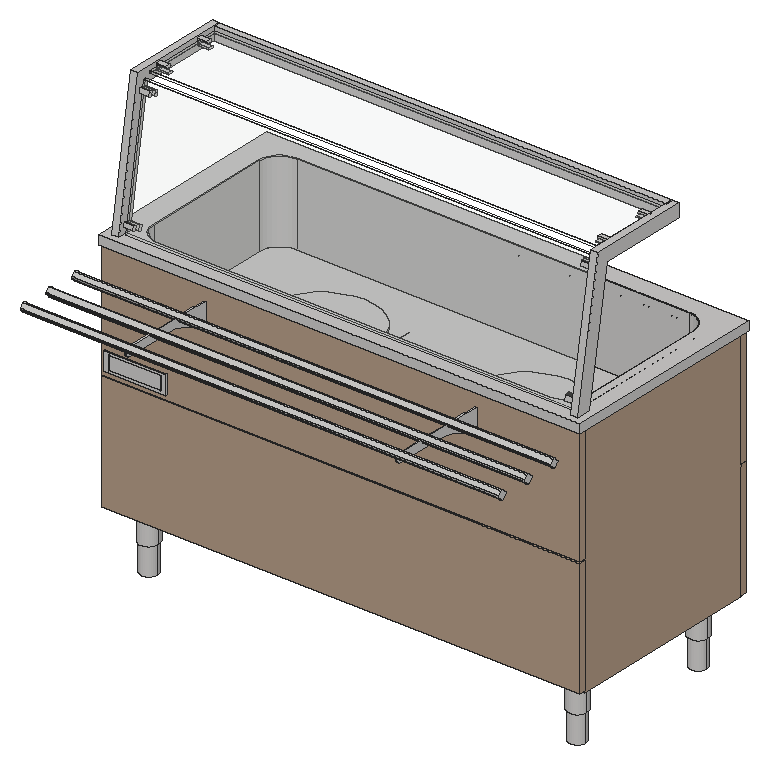
Revit family "QF_ELECTROLUXPROFESSIONAL_322083_F03H4AF01W", category Specialty Equipment, Revit 2018 (continued)
Definition of nested family "Bain Marie Air Ventiled single well 1420"
  Dimensions and locks
    aligned and locked: plane 26 to Extrusion 5
    aligned and locked: Extrusion 5 to plane 25
  Automatic sketch dimensions
    plane 27 "1" to Extrusion 2 sketch curve = 14 mm  (x2)
    plane 14 to Extrusion 2 sketch curve = 61 mm
    plane 15 to Extrusion 2 sketch curve = 61 mm
    Extrusion 3 sketch curve to plane 23 = 0 mm
    Extrusion 3 sketch curve to plane 24 = 0 mm
    plane 1 "Centro (Fronte/Retro)" to Extrusion 4 sketch curve = 0 mm  (x8)
    Extrusion 4 sketch curve to plane 25 = 75.606 mm
    Extrusion 4 sketch curve to Extrusion 4 sketch curve = 0.679 mm  (x5)
    Extrusion 4 sketch curve to Extrusion 4 sketch curve = 4.368 mm  (x8)
    Extrusion 4 sketch curve to Extrusion 4 sketch curve = 7.5 mm  (x4)
    Extrusion 4 sketch curve to Extrusion 4 sketch curve = 20 mm  (x2)
    Extrusion 4 sketch curve to Extrusion 4 sketch curve = 0.055 mm  (x5)
    Extrusion 4 sketch curve to Extrusion 4 sketch curve = 9.168 mm  (x4)
    Extrusion 4 sketch curve to Extrusion 4 sketch curve = 3.411 mm  (x8)
    Extrusion 4 sketch curve to Extrusion 4 sketch curve = 8.25 mm  (x8)
    Extrusion 4 sketch curve to Extrusion 4 sketch curve = 10.401 mm  (x4)
    Extrusion 4 sketch curve to Extrusion 4 sketch curve = 8.196 mm  (x8)
    Extrusion 4 sketch curve to Extrusion 4 sketch curve = 1.522 mm  (x5)
    Extrusion 4 sketch curve to Extrusion 4 sketch curve = 4.335 mm  (x8)
    Extrusion 4 sketch curve to Extrusion 4 sketch curve = 13.754 mm  (x8)
    Extrusion 4 sketch curve to Extrusion 4 sketch curve = 9.668 mm  (x8)
    Extrusion 4 sketch curve to Extrusion 4 sketch curve = 6.488 mm  (x8)
    Extrusion 4 sketch curve to Extrusion 4 sketch curve = 19.394 mm
    Extrusion 4 sketch curve to Extrusion 4 sketch curve = 10.42 mm  (x4)
    Extrusion 4 sketch curve to Extrusion 4 sketch curve = 14.129 mm  (x4)
    Extrusion 4 sketch curve to Extrusion 4 sketch curve = 0.606 mm
    Extrusion 4 sketch curve to Extrusion 4 sketch curve = 7.654 mm  (x4)
    plane 1 "Centro (Fronte/Retro)" to Extrusion 4 sketch curve = 7.654 mm  (x2)
    plane 1 "Centro (Fronte/Retro)" to Extrusion 4 sketch curve = 10.42 mm  (x2)
    plane 1 "Centro (Fronte/Retro)" to Extrusion 4 sketch curve = 14.129 mm  (x2)
    Extrusion 4 sketch curve to Extrusion 4 sketch curve = 9.91 mm  (x4)
    Extrusion 4 sketch curve to Extrusion 4 sketch curve = 7.811 mm  (x4)
    Extrusion 4 sketch curve to Extrusion 4 sketch curve = 9.348 mm  (x4)
    Extrusion 4 sketch curve to plane 1 "Centro (Fronte/Retro)" = 7.654 mm  (x2)
    Extrusion 4 sketch curve to plane 1 "Centro (Fronte/Retro)" = 10.42 mm  (x2)
    Extrusion 4 sketch curve to plane 1 "Centro (Fronte/Retro)" = 14.129 mm  (x2)
    Extrusion 5 sketch curve to plane 21 = 0 mm
    Extrusion 5 sketch curve to plane 26 = 0 mm
    Extrusion 5 sketch curve to plane 22 = 0 mm
    Extrusion 5 sketch curve to plane 25 = 0 mm
    plane 1 "Centro (Fronte/Retro)" to Extrusion 6 sketch curve = 0 mm  (x8)
    Extrusion 6 sketch curve to plane 24 = 75.606 mm
    Extrusion 6 sketch curve to Extrusion 6 sketch curve = 0.679 mm  (x5)
    Extrusion 6 sketch curve to Extrusion 6 sketch curve = 4.368 mm  (x8)
    Extrusion 6 sketch curve to Extrusion 6 sketch curve = 7.5 mm  (x4)
    Extrusion 6 sketch curve to Extrusion 6 sketch curve = 20 mm  (x2)
    Extrusion 6 sketch curve to Extrusion 6 sketch curve = 0.055 mm  (x5)
    Extrusion 6 sketch curve to Extrusion 6 sketch curve = 9.168 mm  (x4)
    Extrusion 6 sketch curve to Extrusion 6 sketch curve = 3.411 mm  (x8)
    Extrusion 6 sketch curve to Extrusion 6 sketch curve = 8.25 mm  (x8)
    Extrusion 6 sketch curve to Extrusion 6 sketch curve = 10.401 mm  (x4)
    Extrusion 6 sketch curve to Extrusion 6 sketch curve = 8.196 mm  (x8)
    Extrusion 6 sketch curve to Extrusion 6 sketch curve = 1.522 mm  (x5)
    Extrusion 6 sketch curve to Extrusion 6 sketch curve = 4.335 mm  (x8)
    Extrusion 6 sketch curve to Extrusion 6 sketch curve = 13.754 mm  (x8)
    Extrusion 6 sketch curve to Extrusion 6 sketch curve = 9.668 mm  (x8)
    Extrusion 6 sketch curve to Extrusion 6 sketch curve = 6.488 mm  (x8)
    Extrusion 6 sketch curve to Extrusion 6 sketch curve = 19.394 mm
    Extrusion 6 sketch curve to Extrusion 6 sketch curve = 10.42 mm  (x4)
    Extrusion 6 sketch curve to Extrusion 6 sketch curve = 14.129 mm  (x4)
    Extrusion 6 sketch curve to Extrusion 6 sketch curve = 0.606 mm
    Extrusion 6 sketch curve to Extrusion 6 sketch curve = 7.654 mm  (x4)
    plane 1 "Centro (Fronte/Retro)" to Extrusion 6 sketch curve = 7.654 mm  (x2)
    plane 1 "Centro (Fronte/Retro)" to Extrusion 6 sketch curve = 10.42 mm  (x2)
    plane 1 "Centro (Fronte/Retro)" to Extrusion 6 sketch curve = 14.129 mm  (x2)
    Extrusion 6 sketch curve to Extrusion 6 sketch curve = 9.91 mm  (x4)
    Extrusion 6 sketch curve to Extrusion 6 sketch curve = 7.811 mm  (x4)
    Extrusion 6 sketch curve to Extrusion 6 sketch curve = 9.348 mm  (x4)
    Extrusion 6 sketch curve to plane 1 "Centro (Fronte/Retro)" = 7.654 mm  (x2)
    Extrusion 6 sketch curve to plane 1 "Centro (Fronte/Retro)" = 10.42 mm  (x2)
    Extrusion 6 sketch curve to plane 1 "Centro (Fronte/Retro)" = 14.129 mm  (x2)
    Extrusion 2 sketch curve to plane 16 = 0 mm
    plane 13 to Extrusion 2 sketch curve = 0 mm
    plane 14 to Extrusion 2 sketch curve = 0 mm
    Extrusion 2 sketch curve to plane 15 = 0 mm
    radius of Extrusion 4 sketch curve = 155 mm
    radius of Extrusion 4 sketch curve = 3 mm  (x69)
    radius of Extrusion 6 sketch curve = 155 mm
    radius of Extrusion 6 sketch curve = 3 mm  (x69)
Definition of nested family "Controller_compact"
  Parameters
    Default Elevation = 1219.2 mm
  Reference planes
    plane 1 "Center (Front/Back)": y = 0
    plane 2: z = 0
    plane 3 "Center (Left/Right)": x = 0
    plane 4: x = -76
    plane 5: x = 76
    plane 6: y = -21
    plane 7: y = 21
    plane 8: x = -92.25
    plane 9: x = 92.25
    plane 10: y = -27.2
    plane 11: y = 27.2
  Forms (mm)
    Extrusion 1, solid
      sketch origin (0, 0, 0) x (1, 0, 0) y (0, 1, 0)
        loop
          line (-1219.2, 1219.2) -> (-1219.2, -1219.2) -> (1219.2, -1219.2) -> (1219.2, 1219.2) -> (-1219.2, 1219.2)
      from 0 to -304.8
    Extrusion 2, solid
      sketch origin (0, 0, 0) x (1, 0, 0) y (0, 1, 0)
        loop
          line (-76, 21) -> (-76, -21) -> (76, -21) -> (76, 21) -> (-76, 21)
      from 0 to 5
    Extrusion 3, solid
      sketch origin (0, 0, 0) x (1, 0, 0) y (0, 1, 0)
        loop
          line (-92.25, 27.2) -> (-92.25, -27.2) -> (92.25, -27.2) -> (92.25, 27.2) -> (-92.25, 27.2)
        loop
          line (-76, 21) -> (-76, -21) -> (76, -21) -> (76, 21) -> (-76, 21)
      from 0 to 5
  Lines and regions (mm)
    Split face 1
      outline origin (-14, 0, 5) x (1, 0, 0) y (0, 1, 0)
        loop
          line (-36, 10) -> (-36, -10) -> (-16, -10) -> (-16, 10) -> (-36, 10)
    Split face 2
      outline origin (26, 0, 5) x (1, 0, 0) y (0, 1, 0)
        loop
          line (-36, 10) -> (-36, -10) -> (-16, -10) -> (-16, 10) -> (-36, 10)
    Split face 3
      outline origin (98.5, 0, 5) x (1, 0, 0) y (0, 1, 0)
        loop
          line (-68.5, 10) -> (-68.5, -10) -> (-48.5, -10) -> (-48.5, 10) -> (-68.5, 10)
  Dimensions and locks
    equal spacing: plane 4, plane 3 "Center (Left/Right)", plane 5
    equal spacing: plane 7, plane 1 "Center (Front/Back)", plane 6
    plane 7 to plane 6 = 42 mm
    plane 4 to plane 5 = 152 mm
    equal spacing: plane 8, plane 3 "Center (Left/Right)", plane 9
    plane 8 to plane 9 = 184.5 mm
    equal spacing: plane 11, plane 1 "Center (Front/Back)", plane 10
    plane 11 to plane 10 = 54.4 mm
    aligned and locked: plane 2 to Extrusion 1
    aligned and locked: level to Extrusion 1
    aligned and locked: Extrusion 2 sketch curve to plane 7
    aligned and locked: plane 4 to Extrusion 2 sketch curve
    aligned and locked: plane 6 to Extrusion 2 sketch curve
    aligned and locked: Extrusion 2 sketch curve to plane 5
    aligned and locked: Extrusion 3 sketch curve to plane 11
    aligned and locked: plane 8 to Extrusion 3 sketch curve
    aligned and locked: plane 10 to Extrusion 3 sketch curve
    aligned and locked: Extrusion 3 sketch curve to plane 9
    aligned and locked: Extrusion 3 sketch curve to Extrusion 2  (x4)
    aligned and locked: Extrusion 3 to Extrusion 2
  Automatic sketch dimensions
    Extrusion 1 sketch curve to Extrusion 1 sketch curve = 2438.4 mm  (x2)
    Split face 1 sketch curve to Extrusion 2 = 11 mm  (x2)
    Split face 1 sketch curve to Extrusion 2 = 26 mm
    Split face 1 sketch curve to Split face 1 sketch curve = 20 mm
    Split face 2 sketch curve to Extrusion 2 = 11 mm  (x2)
    Split face 2 sketch curve to Extrusion 2 = 66 mm
    Split face 2 sketch curve to Split face 2 sketch curve = 20 mm
    Split face 3 sketch curve to Extrusion 2 = 11 mm  (x2)
    Split face 3 sketch curve to Extrusion 2 = 46 mm
    Split face 3 sketch curve to Split face 3 sketch curve = 20 mm
Definition of nested family "Sun"
  Reference planes
    plane 1 "Center (Front/Back)": y = 0
    plane 2: z = 0
    plane 3 "Center (Left/Right)": x = 0
  Lines and regions (mm)
    detail lines, in view "Ref. Level"
      curve 1: circle (0, 0, 0) r 35 normal (0, 0, 1)
      curve 2: line (-18, 31.177, 0) -> (-30, 51.962, 0)
      curve 3: line (0, 36, 0) -> (0, 60, 0)
      curve 4: line (18, 31.177, 0) -> (30, 51.962, 0)
      curve 5: line (31.177, 18, 0) -> (51.962, 30, 0)
      curve 6: line (36, 0, 0) -> (60, 0, 0)
      curve 7: line (31.177, -18, 0) -> (51.962, -30, 0)
      curve 8: line (18, -31.177, 0) -> (30, -51.962, 0)
      curve 9: line (0, -36, 0) -> (0, -60, 0)
      curve 10: line (-18, -31.177, 0) -> (-30, -51.962, 0)
      curve 11: line (-31.177, -18, 0) -> (-51.962, -30, 0)
      curve 12: line (-36, 0, 0) -> (-60, 0, 0)
      curve 13: line (-31.177, 18, 0) -> (-51.962, 30, 0)
Types (2, lengths in mm): name | URL | Manufacturer | Phase | Model | Description
  (no name) | 0 | 0 | 0 | 0 | 0
  Standard | "http://professional.electrolux.com" | "Electrolux Professional" | 1 | "F03H4AF01W" | "BAIN-MARIE, AIR VENTILATED, 4GN H=900MM OVERSHELF W/LED LIGHTS"
